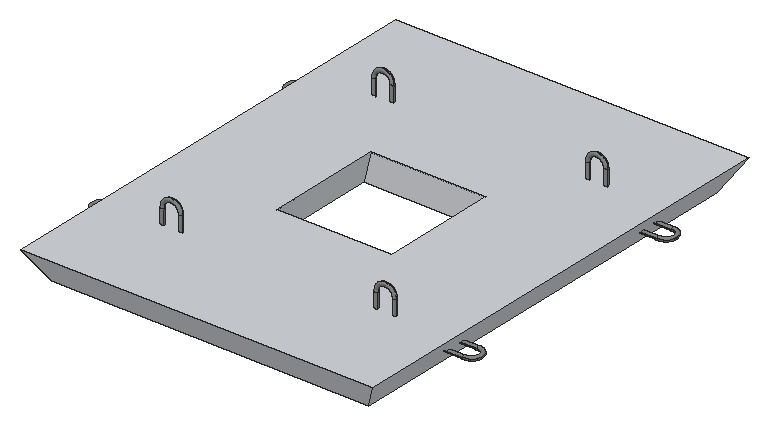
Revit family "Плиты опорные ПО", category Обобщенные модели, Revit 2019
Family settings
  Может служить основой для арматурных стержней = Нет
  Размер круглого соединителя = Использовать диаметр
  Тип детали = Нормальный
  На основе рабочей плоскости = Нет
  Всегда вертикально = Да
  При загрузке вырезать с полостями = Нет
  Общий = Нет
  Точка расчета площади = Нет
Parameters (values of type "Плита опорная ПО-2 под колодец ККСр-2")
  ADSK_Ширина [instance] = 1200 mm
  ADSK_Ссылка на сайт = "https://www.ssd.ru/plita-opornaya-po-2-pod-kolodets-kksr-2"
  ADSK_Сертификат соответствия = "https://www.ssd.ru/upload/iblock/fde/sert_b15_0221.pdf"
  ADSK_Наименование = "Плита опорная ПО-2 под колодец ККСр-2"
  ADSK_Масса = "411"
  ADSK_Марка = "ПО-2"
  ADSK_Код изделия = "110402-00089"
  ADSK_Класс бетона = "В15"
  ADSK_Изготовитель = "АО СВЯЗЬСТРОЙДЕТАЛЬ"
  ADSK_Длина [instance] = 1600 mm
  ADSK_Высота = 100 mm
Types (5, lengths in mm): name | ADSK_Ширина | ADSK_Ссылка на сайт | ADSK_Наименование | ADSK_Масса | ADSK_Марка | ADSK_Код изделия | ADSK_Длина | ADSK_Высота
  (no name) | 1200 | "https://www.ssd.ru/plita-opornaya-po-2-pod-kolodets-kksr-2" | "Плита опорная ПО-2 под колодец ККСр-2" | "411" | "ПО-2" | "110402-00089" | 1600 | 100
  Плита опорная ПО-2 под колодец ККСр-2 | 1200 | "https://www.ssd.ru/plita-opornaya-po-2-pod-kolodets-kksr-2" | "Плита опорная ПО-2 под колодец ККСр-2" | "411" | "ПО-2" | "110402-00089" | 1600 | 100
  Плита опорная ПО-3 под колодец ККСр-3 | 1200 | "https://www.ssd.ru/plita-opornaya-po-3-pod-kolodets-kksr-3" | "Плита опорная ПО-3 под колодец ККСр-3" | "582" | "ПО-3" | "110402-00078" | 2200 | 100
  Плита опорная ПО-4 под колодец ККСр-4 | 1400 | "https://www.ssd.ru/plita-opornaya-po-4-pod-kolodets-kksr-4" | "Плита опорная ПО-4 под колодец ККСр-4" | "1050" | "ПО-4" | "110402-00090" | 2600 | 120
  Плита опорная ПО-5 под колодец ККСр-5 | 1600 | "https://www.ssd.ru/plita-opornaya-po-5-pod-kolodets-kksr-5" | "Плита опорная ПО-5 под колодец ККСр-5" | "1700" | "ПО-5" | "110402-00091" | 3000 | 130
Reference planes
  plane 1 "По центру (Вперед/Назад)": y = 0
  plane 2: z = 0
  plane 3 "По центру (Влево/Вправо)": x = 0
  plane 4: x = -600
  plane 5: x = 600
  plane 6: y = 800
  plane 7: y = -800
  plane 8: y = 200
  plane 9: y = -200
  plane 10: z = 100
Forms (mm)
  Extrusion 1, solid
    sketch origin (0, 0, 0) x (1, 0, 0) y (0, 1, 0)
      loop
        line (-600, 800) -> (-600, -800) -> (600, -800) -> (600, 800) -> (-600, 800)
    from 0 to 100
  Extrusion 2, void
    sketch origin (-0.483, 0, 19.799) x (1, 0, 0) y (0, 0, 1)
      loop
        line (600.483, 80.966) -> (540.1, -19.799) -> (600.483, -19.799) -> (600.483, 80.966)
    from -800 to 800
  Extrusion 3, void
    sketch origin (0, 0.42, 19.153) x (0, -1, 0) y (0, 0, -1)
      loop
        line (800.347, 19.153) -> (739.595, 19.153) -> (800.347, -82.351) -> (800.347, 19.153)
    from -600 to 600
  Extrusion 4, void
    sketch origin (-10, 0, 0) x (1, 0, 0) y (0, 0, 1)
      loop
        line (195.749, 100) -> (-195.329, 100) -> (-219.239, 0) -> (219.659, 0) -> (195.749, 100)
    from -200 to 200
  Sweep 5, solid, material "Новый материал (по умолчанию)", detail levels fine
    path origin (0, 0, 0) x (1, 0, 0) y (0, 0, 1)
      loop
        line (395, 80) -> (395, 151)
        arc (395, 151) -> (364, 182) -> (333, 151) r 31
        line (333, 151) -> (333, 80)
    profile origin (395, 0, 115.5) x (-1, 0, 0) y (0, -1, 0)
      loop
        circle (0, -450) r 6
  Sweep 6, solid, material "Новый материал (по умолчанию)", detail levels fine
    path origin (0, 0, 0) x (1, 0, 0) y (0, 0, -1)
      loop
        line (395, -80) -> (395, -151)
        arc (395, -151) -> (364, -182) -> (333, -151) r 31
        line (333, -151) -> (333, -80)
    profile origin (395, 0, 115.5) x (1, 0, 0) y (0, 1, 0)
      loop
        circle (0, -450) r 6
  Sweep 7, solid, material "Новый материал (по умолчанию)", detail levels fine
    path origin (0, 0, 0) x (-1, 0, 0) y (0, 0, 1)
      loop
        line (395, 80) -> (395, 151)
        arc (395, 151) -> (364, 182) -> (333, 151) r 31
        line (333, 151) -> (333, 80)
    profile origin (-395, 0, 115.5) x (-1, 0, 0) y (0, -1, 0)
      loop
        circle (0, -450) r 6
  Sweep 8, solid, material "Новый материал (по умолчанию)", detail levels fine
    path origin (0, 0, 0) x (-1, 0, 0) y (0, 0, 1)
      loop
        line (395, 80) -> (395, 151)
        arc (395, 151) -> (364, 182) -> (333, 151) r 31
        line (333, 151) -> (333, 80)
    profile origin (-395, 0, 115.5) x (1, 0, 0) y (0, 1, 0)
      loop
        circle (0, -450) r 6
  Sweep 9, solid, material "Новый материал (по умолчанию)", detail levels fine
    path origin (-457.716, 777.655, 500) x (0, -1, 0) y (1, 0, 0)
      loop
        line (395, -100) -> (395, -171)
        arc (395, -171) -> (364, -202) -> (333, -171) r 31
        line (333, -171) -> (333, -100)
    profile origin (-593.216, 382.655, 500) x (0, -1, 0) y (0, 0, 1)
      loop
        circle (0, -450) r 6
  Sweep 10, solid, material "Новый материал (по умолчанию)", detail levels fine
    path origin (457.716, 777.655, 500) x (0, -1, 0) y (1, 0, 0)
      loop
        line (395, 100) -> (395, 171)
        arc (395, 171) -> (364, 202) -> (333, 171) r 31
        line (333, 171) -> (333, 100)
    profile origin (593.216, 382.655, 500) x (0, 1, 0) y (0, 0, 1)
      loop
        circle (0, -450) r 6
  Sweep 11, solid, material "Новый материал (по умолчанию)", detail levels fine
    path origin (-457.716, -777.655, 500) x (0, 1, 0) y (-1, 0, 0)
      loop
        line (395, 100) -> (395, 171)
        arc (395, 171) -> (364, 202) -> (333, 171) r 31
        line (333, 171) -> (333, 100)
    profile origin (-593.216, -382.655, 500) x (0, -1, 0) y (0, 0, 1)
      loop
        circle (0, -450) r 6
  Sweep 12, solid, material "Новый материал (по умолчанию)", detail levels fine
    path origin (457.716, -777.655, 500) x (0, 1, 0) y (-1, 0, 0)
      loop
        line (395, -100) -> (395, -171)
        arc (395, -171) -> (364, -202) -> (333, -171) r 31
        line (333, -171) -> (333, -100)
    profile origin (593.216, -382.655, 500) x (0, 1, 0) y (0, 0, 1)
      loop
        circle (0, -450) r 6
  Extrusion 13, void
    sketch origin (0.483, 0, 19.799) x (-1, 0, 0) y (0, 0, -1)
      loop
        line (600.483, -80.966) -> (600.483, 19.799) -> (540.1, 19.799) -> (600.483, -80.966)
    from -1500 to 800
  Extrusion 14, void
    sketch origin (0, -0.42, 19.153) x (0, 1, 0) y (0, 0, 1)
      loop
        line (800.347, -19.153) -> (800.347, 82.351) -> (739.595, -19.153) -> (800.347, -19.153)
    from -800 to 800
Cuts and joins
  Extrusion 2, Extrusion 3, Extrusion 4, Extrusion 13, Extrusion 14 cuts Extrusion 1
  Extrusion 13 cuts Sweep 10
  Extrusion 13 cuts Sweep 12
Dimensions and locks
  "ADSK_Ширина": plane 4 to plane 5
  equal spacing: plane 4, plane 3 "По центру (Влево/Вправо)", plane 5
  "ADSK_Длина": plane 6 to plane 7
  equal spacing: plane 6, plane 1 "По центру (Вперед/Назад)", plane 7
  "ADSK_Высота": plane 2 to plane 10
  aligned and locked: level to plane 2
  aligned and locked: plane 6 to Extrusion 2
  aligned and locked: Extrusion 3 to plane 4
  aligned and locked: Extrusion 3 to plane 5
  aligned and locked: plane 8 to Extrusion 4
  aligned and locked: Extrusion 4 to plane 9
  aligned and locked: plane 10 to Extrusion 1
  aligned and locked: Extrusion 3 to level
  aligned and locked: Extrusion 2 to plane 2
  aligned and locked: plane 7 to Extrusion 13
  aligned and locked: plane 7 to Extrusion 2
  aligned and locked: Extrusion 1 to Extrusion 4
  aligned and locked: Extrusion 4 to level
Automatic sketch dimensions
  Extrusion 1 sketch curve to plane 4 = 0 mm
  Extrusion 1 sketch curve to plane 5 = 0 mm
  plane 7 to Extrusion 1 sketch curve = 0 mm
  Extrusion 1 sketch curve to plane 6 = 0 mm
  Extrusion 2 sketch curve to level = 0 mm
  plane 5 to Extrusion 2 sketch curve = 0 mm
  Extrusion 2 sketch curve to Extrusion 2 sketch curve = 60.382 mm
  plane 10 to Extrusion 2 sketch curve = 0.765 mm
  Extrusion 3 sketch curve to level = 0 mm
  plane 7 to Extrusion 3 sketch curve = 60.825 mm
  plane 7 to Extrusion 3 sketch curve = 0.073 mm
  Extrusion 3 sketch curve to plane 10 = 1.504 mm
  Extrusion 4 sketch curve to level = 0 mm
  Extrusion 4 sketch curve to plane 3 "По центру (Влево/Вправо)" = 229.239 mm
  plane 10 to Extrusion 4 sketch curve = 0 mm
  Extrusion 4 sketch curve to Extrusion 4 sketch curve = 23.91 mm  (x2)
  plane 3 "По центру (Влево/Вправо)" to Extrusion 4 sketch curve = 185.749 mm
  plane 10 to Sweep 5 sketch curve = 51 mm
  plane 5 to Sweep 5 sketch curve = 267 mm
  Sweep 5 sketch curve to Sweep 5 sketch curve = 31 mm
  Sweep 5 sketch curve to plane 10 = 20 mm  (x2)
  Sweep 5 sketch curve to profile plane = 0 mm
  Sweep 5 sketch curve to plane 1 "По центру (Вперед/Назад)" = 450 mm
  plane 10 to Sweep 6 sketch curve = 51 mm
  plane 5 to Sweep 6 sketch curve = 267 mm
  Sweep 6 sketch curve to Sweep 6 sketch curve = 31 mm
  Sweep 6 sketch curve to plane 10 = 20 mm  (x2)
  Sweep 6 sketch curve to profile plane = 0 mm
  Sweep 6 sketch curve to profile plane = 450 mm
  Sweep 7 sketch curve to plane 10 = 51 mm
  Sweep 7 sketch curve to plane 4 = 267 mm
  Sweep 7 sketch curve to Sweep 7 sketch curve = 31 mm
  plane 10 to Sweep 7 sketch curve = 20 mm  (x2)
  Sweep 7 sketch curve to profile plane = 0 mm
  Sweep 7 sketch curve to plane 1 "По центру (Вперед/Назад)" = 450 mm
  plane 10 to Sweep 8 sketch curve = 51 mm
  plane 4 to Sweep 8 sketch curve = 267 mm
  Sweep 8 sketch curve to Sweep 8 sketch curve = 31 mm
  Sweep 8 sketch curve to plane 10 = 20 mm  (x2)
  Sweep 8 sketch curve to profile plane = 0 mm
  Sweep 8 sketch curve to profile plane = 450 mm
  Sweep 9 sketch curve to plane 4 = 28.716 mm
  Sweep 9 sketch curve to plane 6 = 355.345 mm
  Sweep 9 sketch curve to Sweep 9 sketch curve = 31 mm
  plane 4 to Sweep 9 sketch curve = 42.284 mm  (x2)
  Sweep 9 sketch curve to profile plane = 0 mm
  Sweep 9 sketch curve to profile plane = 450 mm
  Sweep 10 sketch curve to plane 5 = 28.716 mm
  Sweep 10 sketch curve to plane 6 = 355.345 mm
  Sweep 10 sketch curve to Sweep 10 sketch curve = 31 mm
  plane 5 to Sweep 10 sketch curve = 42.284 mm  (x2)
  Sweep 10 sketch curve to profile plane = 0 mm
  Sweep 10 sketch curve to profile plane = 450 mm
  Sweep 11 sketch curve to plane 4 = 28.716 mm
  Sweep 11 sketch curve to plane 7 = 355.345 mm
  Sweep 11 sketch curve to Sweep 11 sketch curve = 31 mm
  plane 4 to Sweep 11 sketch curve = 42.284 mm  (x2)
  Sweep 11 sketch curve to profile plane = 0 mm
  Sweep 11 sketch curve to profile plane = 450 mm
  Sweep 12 sketch curve to plane 5 = 28.716 mm
  Sweep 12 sketch curve to plane 7 = 355.345 mm
  Sweep 12 sketch curve to Sweep 12 sketch curve = 31 mm
  plane 5 to Sweep 12 sketch curve = 42.284 mm  (x2)
  Sweep 12 sketch curve to profile plane = 0 mm
  Sweep 12 sketch curve to profile plane = 450 mm
  Extrusion 13 sketch curve to level = 0 mm
  Extrusion 13 sketch curve to plane 4 = 0 mm
  Extrusion 13 sketch curve to Extrusion 13 sketch curve = 60.382 mm
  Extrusion 13 sketch curve to plane 10 = 0.765 mm
  Extrusion 14 sketch curve to level = 0 mm
  Extrusion 14 sketch curve to plane 6 = 60.825 mm
  Extrusion 14 sketch curve to plane 6 = 0.073 mm
  plane 10 to Extrusion 14 sketch curve = 1.504 mm
  radius of Sweep 5 sketch curve = 6 mm
  radius of Sweep 6 sketch curve = 6 mm
  radius of Sweep 7 sketch curve = 6 mm
  radius of Sweep 8 sketch curve = 6 mm
  radius of Sweep 9 sketch curve = 6 mm
  radius of Sweep 10 sketch curve = 6 mm
  radius of Sweep 11 sketch curve = 6 mm
  radius of Sweep 12 sketch curve = 6 mm
